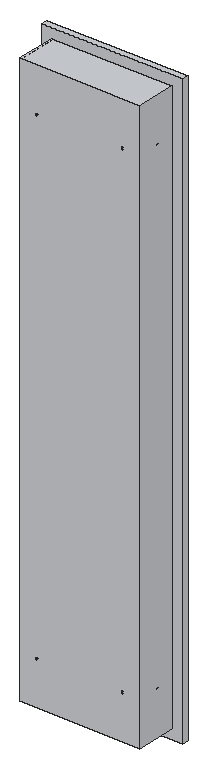
Revit family "AX9263E94_0003", category Appareils sanitaires, Revit 2016
Family settings
  Hôte = Mur
  Type d'élément = Normal
  Cote de connecteur circulaire = Utiliser le diamètre
  Numéro OmniClass = 23.75.00.00
  Titre OmniClass = Climate Control (HVAC)
  Toujours verticalement = Oui
  Couper avec des vides une fois chargée = Non
  Partagée = Non
  Point de calcul de pièce = Non
Parameters (values of type "Type 1")
  URL = "https://www.axeuro.com/fr/combines-2-en-1/25092-combine-3-en-1-seche-mains-electronique-distributeur-d-essuie-mains-et-poubelle-ax9263e94.html"
  Modèle = "AX9263E94"  # constant formula
  Matériaux = "\tEn inox 304 (18/10) Bactériostatique"  # constant formula
  Finition = "\tBrossé Poli Satiné HyperPolish"  # constant formula
  Fabricant = "Axeuro"  # constant formula
  Description = "Combiné distributeur d'essuie-mains et poubelle"  # constant formula
Reference planes
  plane 1 "Mur": y = 0
  plane 2 "Centre (gauche/droite)": x = 0
  plane 3 "Arrière": y = 75
  plane 4: z = 0
  plane 5: x = 400
  plane 6: z = 2159.718
  plane 7: x = -400
Forms (mm)
  Extrusion 1, solid
    sketch origin (-694.809, 76.008, 105.613) x (1, 0, 0) y (0, 0, 1)
      loop
        line (859.809, 1894.65) -> (529.809, 1894.65) -> (529.809, 497.164) -> (859.809, 497.164) -> (859.809, 1894.65)
    from -13.992 to 1.008
  Extrusion 2, solid
    sketch origin (820.378, 76.008, -21.708) x (1, 0, 0) y (0, 0, 1)
      loop
        line (-679.378, 1998.472) -> (-961.378, 1998.472) -> (-961.378, 647.986) -> (-679.378, 647.986) -> (-679.378, 1998.472)
    from 1.008 to 95.008
  Extrusion 3, void
    sketch origin (-18.054, 76.008, -110) x (1, 0, 0) y (0, 0, 1)
      loop
        line (134.919, 1607.895) -> (-98.811, 1607.895)
        arc (-98.811, 1607.895) -> (-104.563, 1605.512) -> (-106.946, 1599.76) r 8.135
        line (-106.946, 1599.76) -> (-106.946, 1366.03)
        arc (-106.946, 1366.03) -> (-104.563, 1360.277) -> (-98.811, 1357.895) r 8.135
        line (-98.811, 1357.895) -> (134.919, 1357.895)
        arc (134.919, 1357.895) -> (140.672, 1360.277) -> (143.054, 1366.03) r 8.135
        line (143.054, 1366.03) -> (143.054, 1599.76)
        arc (143.054, 1599.76) -> (140.672, 1605.512) -> (134.919, 1607.895) r 8.135
    from -28.21 to 15.861
  Extrusion 4, solid, not visible
    sketch origin (2.754, 75, -43.399) x (1, 0, 0) y (0, 0, 1)
      loop
        circle (125.604, 1575.159) r 8.25
    from -15 to -12.919
  Extrusion 5, void, not visible
    sketch origin (-0.165, 75, -0.43) x (1, 0, 0) y (0, 0, 1)
      loop
        line (129.522, 1537.139) -> (127.522, 1537.139) -> (127.522, 1527.239) -> (129.522, 1527.239) -> (129.522, 1537.139)
    from -15 to -12.919
  Extrusion 6, void
    sketch origin (0, 76.008, 0) x (1, 0, 0) y (0, 0, 1)
      loop
        line (125, 1497.895) -> (-125, 1497.895) -> (-125, 1247.895) -> (125, 1247.895) -> (125, 1497.895)
    from -13.992 to 85.1
  Extrusion 7, void
    sketch origin (0, 7.355, -10.751) x (0, 1, 0) y (0, 0, 1)
      loop
        circle (21.632, 1883.772) r 3
    from 139.1 to 140.963
  Extrusion 8, void
    sketch origin (0, 76.008, 0) x (1, 0, 0) y (0, 0, 1)
      loop
        line (139.1, 1974.864) -> (-139.1, 1974.864) -> (-139.1, 628.178) -> (139.1, 628.178) -> (139.1, 1974.864)
    from -12.092 to 93.108
  Extrusion 9, void
    sketch origin (1.96, -94, -22.853) x (1, 0, 0) y (0, 0, 1)
      loop
        circle (-101.96, 1895.874) r 3
    from -76.9 to -75
  Extrusion 10, void
    sketch origin (-1.96, -94, -22.853) x (-1, 0, 0) y (0, 0, -1)
      loop
        circle (-101.96, -1895.874) r 3
    from -76.9 to -75
  Extrusion 11, void
    sketch origin (1.96, -94.992, 2625.894) x (1, 0, 0) y (0, 0, 1)
      loop
        circle (-101.96, -1895.874) r 3
    from -77.892 to -75.992
  Extrusion 12, void
    sketch origin (-1.96, -94.992, 2625.894) x (-1, 0, 0) y (0, 0, -1)
      loop
        circle (-101.96, 1895.874) r 3
    from -77.892 to -75.992
  Extrusion 13, void
    sketch origin (0, 7.355, -1153.751) x (0, 1, 0) y (0, 0, 1)
      loop
        circle (21.632, 1883.772) r 3
    from 139.1 to 140.963
  Extrusion 14, void
    sketch origin (0, 7.355, -10.751) x (0, 1, 0) y (0, 0, -1)
      loop
        circle (21.632, -1883.772) r 3
    from 139.1 to 140.963
  Extrusion 15, void
    sketch origin (0, 7.355, -1153.751) x (0, 1, 0) y (0, 0, -1)
      loop
        circle (21.632, -1883.772) r 3
    from 139.1 to 140.963
Cuts and joins
  Extrusion 3, Extrusion 8, Extrusion 10 cuts Extrusion 1
  Extrusion 3, Extrusion 6, Extrusion 7, Extrusion 8, Extrusion 9, Extrusion 10, Extrusion 11, Extrusion 12, Extrusion 13, Extrusion 14, Extrusion 15 cuts Extrusion 2
Text (mm)
  text "Côté de la mise en place" at (-1820.995, 1116.779, 0), in view "Niveau de réf."
  text "Côté de la mise en place" at (0, 1334.055, 2976.191), in view "Gauche"
  text "Côté de la mise en place" at (0, 439.194, 2944.362), in view "Droite"
Dimensions and locks
  locked: plane 3 "Arrière" to host wall
  aligned and locked: plane 1 "Mur" to host wall
  aligned and locked: host sketch curve to plane 7
  aligned and locked: host sketch curve to plane 4
  aligned and locked: host sketch curve to plane 5
  aligned and locked: host sketch curve to plane 6
